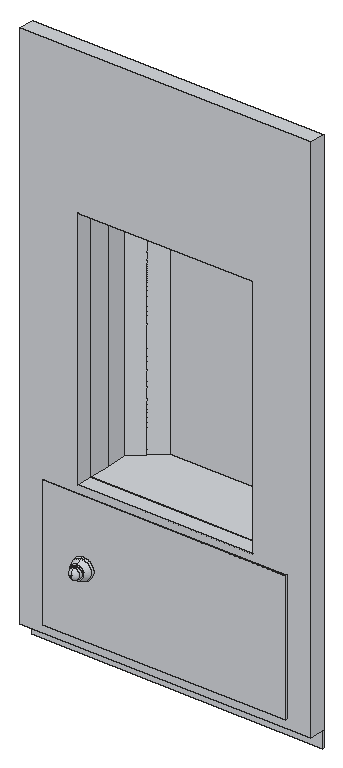
Revit family "Bottle_Filler-Willoughby-WBF-1RM", category Plumbing Fixtures, Revit 2015
Parameters
  URL = "https://www.willoughby-ind.com/wp-content/uploads/2020/05/WBF-1RM.pdf"
  Revision = "A"
  Model = "WBF-1RM"
  Manufacturer = "Willoughby Industries"
  Description = "Recess Mounted Correctional Bottle Filler"
  Contact Info. = "(800) 428-4065"
Reference planes (in)
  plane 1 "Center (Front/Back)": y = 0
  plane 2: z = 0
  plane 3 "Center (Left/Right)": x = 0
Forms (in)
  Extrusion 1, solid
    sketch origin (0, 0, 0) x (0, 1, 0) y (0, 0, 1)
      loop
        line (-4.5, 4) -> (-3.5, 4) -> (-3.5, 37) -> (-4.5, 37) -> (-4.5, 4)
    from -9 to 9
  Extrusion 2, solid
    sketch origin (0, 0, 0) x (1, 0, 0) y (0, 0, 1)
      loop
        circle (0, 10) r 0.75
      loop
        circle (2, 10) r 0.25
    from -0.125 to 3.5
  Extrusion 3, solid
    sketch origin (0, 0, 0) x (1, 0, 0) y (0, 0, 1)
      loop
        line (-7.5, 4.5) -> (7.5, 4.5) -> (7.5, 12.5) -> (-7.5, 12.5) -> (-7.5, 4.5)
    from 4.5 to 4.57422
  Revolve 4, solid
    sketch origin (-5, 0, 0) x (0, 1, 0) y (0, 0, 1)
      loop
        line (-4.57422, 8.5) -> (-5.49122, 8.5) -> (-5.49122, 8.443)
        arc (-5.49122, 8.443) -> (-5.43258, 8.28225) -> (-5.28422, 8.197) r 0.24967
        line (-5.28422, 8.197) -> (-5.12422, 8.169) -> (-5.12422, 8.112)
        arc (-5.12422, 8.112) -> (-5.11617, 8.08487) -> (-5.09422, 8.067) r 0.04795
        line (-5.09422, 8.067) -> (-4.74722, 7.912)
        arc (-4.74722, 7.912) -> (-4.66413, 7.87756) -> (-4.57422, 7.88) r 0.21569
        line (-4.57422, 7.88) -> (-4.57422, 8.5)
      axis (-4.57422, 8.5) -> (-5.49122, 8.5)
    angle from 0 to 360
  Extrusion 5, solid
    sketch origin (0, 0, -8.75) x (1, 0, 0) y (0, 1, 0)
      loop
        line (0, -3.5) -> (5.5, -3.5) -> (5.5, -0.875) -> (3.875, 0.75) -> (0, 0.75) -> (-3.875, 0.75) -> (-5.5, -0.875) -> (-5.5, -3.5) -> (0, -3.5)
    from 21.625 to 36.875
  Extrusion 6, void
    sketch origin (0, 0, 0) x (1, 0, 0) y (0, 1, 0)
      loop
        line (5.425, -2.1875) -> (5.425, -0.90607) -> (4.63447, -0.11553) -> (3.84393, 0.675) -> (-3.84393, 0.675) -> (-4.63447, -0.11553) -> (-5.425, -0.90607) -> (-5.425, -2.1875) -> (-5.425, -6.1875) -> (5.425, -6.1875) -> (5.425, -2.1875)
    from 12.94922 to 28.05078
  Revolve 7, solid
    sketch origin (0, 0, 0.36292) x (0, 1, 0) y (0, 0, 1)
      loop
        line (-2.375, 27.675) -> (-3.375, 27.675)
        arc (-3.375, 27.675) -> (-3.08211, 26.96789) -> (-2.375, 26.675) r 1
        line (-2.375, 26.675) -> (-2.375, 27.675)
      axis (-2.375, 27.675) -> (-2.375, 26.675)
    angle from 0 to 360
  Extrusion 8, solid
    sketch origin (0, 0, 0) x (0, 1, 0) y (0, 0, 1)
      loop
        line (-3.5, 4) -> (-3.575, 4) -> (-3.575, 3) -> (-3.5, 3) -> (-3.5, 4)
    from -9 to 9
Cuts and joins
  Extrusion 6 cuts Extrusion 1
  Extrusion 6 cuts Extrusion 2
  Extrusion 6 cuts Extrusion 3
  Extrusion 6 cuts Extrusion 5
Dimensions and locks (in)
  aligned and locked: level to plane 2
  aligned and locked: Revolve 4 sketch curve to Revolve 4 sketch curve  (x2)
  aligned and locked: Revolve 7 sketch curve to Revolve 7 sketch curve  (x2)
Connectors (in)
  piping at (0, 0.125, 10), diameter 1.5
    settings: on Extrusion 2, index 1, connector inside diameter 24", connector length 0' - 0", flow factor 0, pipe flow 0 GPM, pressure drop 0.00 psi, fitting loss kfactor 0, connector angle 0.00°, fixture units 0, engagement length 0' - 0", angle of deflection 0.00°, flow configuration 0, flow direction 0, fitting loss method 0, system type 22, joint type 0, gender type 0, connector reference index -1, connector utility 0, adjustable connector no, is connector primary yes, connector description ""
  piping at (2, 0.125, 10), diameter 0.5
    settings: on Extrusion 2, index 2, connector inside diameter 24", connector length 0' - 0", flow factor 0, pipe flow 0 GPM, pressure drop 0.00 psi, fitting loss kfactor 0, connector angle 0.00°, fixture units 0, engagement length 0' - 0", angle of deflection 0.00°, flow configuration 0, flow direction 0, fitting loss method 0, system type 20, joint type 0, gender type 0, connector reference index -1, connector utility 0, adjustable connector no, is connector primary no, connector description ""
